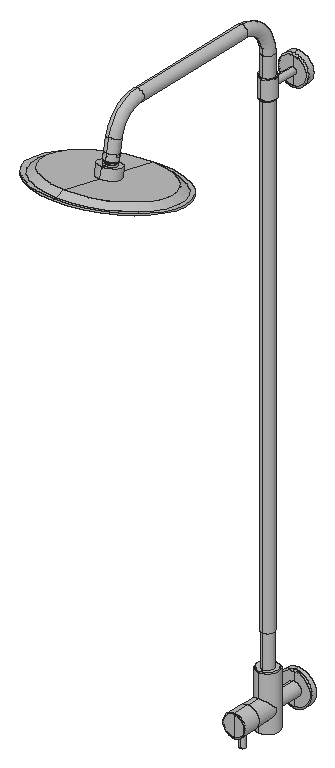
Revit family "Reece_Shower_Milli_Inox_Overhead Rail Shower", category Plumbing Fixtures, Revit 2018
Family settings
  Round Connector Dimension = Use Diameter
  Part Type = Normal
  Work Plane-Based = Yes
  Always vertical = Yes
  Cut with Voids When Loaded = Yes
  Shared = Yes
  Room Calculation Point = Yes
Parameters (values of type "Brushed Stainless Steel")
  URL = "https://www.reece.com.au/product/-2252101"
  Type Comments = "Shower"
  Reece_Shower_Reach = 1006 mm  # constant formula
  Reece_Shower_Inlet = 12.5 mm  # constant formula
  Reece_Shower_Clearance = 360 mm  # constant formula
  Reece_Product_Web Page = "https://www.reece.com.au/product/-2252101"
  Reece_Product_Type = "Shower"  # constant formula
  Reece_Product_Sub Brand = "Inox"  # constant formula
  Reece_Product_Number = "2252101"
  Reece_Product_Mount = "Wall Mounted"
  Reece_Product_Description = "Milli Inox Overhead Single Rail Shower with Bottom Rail Water Inlet Stainless Steel (3 Star)"
  Reece_Product_Brand = "Milli"  # constant formula
  Reece_Overall_Projection = 555 mm  # constant formula
  Reece_Overall_Height = 1130 mm  # constant formula
  Reece_Material_Main = Reece_Brass_Brushed Stainless Steel
  Reece_Height_From_Level [instance] = 1800 mm
  Reece_Detail_Shape = ""
  Reece_Detail_Installation = ""
  Reece_Detail_Disclaimer = "THIS FILE IS THE PROPERTY OF THE REECE GROUP. IT MAY NOT BE REPRODUCED, REVERSE-ENGINEERED OR MODIFIED. ANY REPUBLICATION, TRANSMISSION OR DISTRIBUTION FOR THE PURPOSE OF COMMERCIALLY EXPLOITING THE FILES IS PROHIBITED."  # constant formula
  Reece_Detail_Connector = ""
  Reece_Detail_Additional = "Overhead Rail Shower"  # constant formula
  Model = "Inox"
  Manufacturer = "Milli"
  Keynote = "Product #2252101, Reece_Shower_Milli_Inox_Overhead Rail Shower - Brushed Stainless Steel"
  Disclaimer = "THIS FILE IS THE PROPERTY OF THE REECE GROUP. IT MAY NOT BE REPRODUCED, REVERSE-ENGINEERED OR MODIFIED. ANY REPUBLICATION, TRANSMISSION OR DISTRIBUTION FOR THE PURPOSE OF COMMERCIALLY EXPLOITING THE FILES IS PROHIBITED."  # constant formula
  Description = "Milli Inox Overhead Rail Shower Stainless Steel (3 Star)"
  Default Elevation = 0 mm
Reference planes
  plane 1 "Center (Front/Back)": y = 0
  plane 2 "Height From Floor": z = 1800
  plane 3 "Center (Left/Right)": x = 0
  plane 4 "Bottom Of Invisible Line": z = -5
  plane 5: y = -69.838
  plane 6: y = -555
  plane 7: y = -429.838
  plane 8: y = -147
  plane 9: z = 1801.2
  plane 10: z = 795.2
  plane 11: z = 1925.2
Forms (mm)
  Revolve 1, solid, material "Reece_Brass_Brushed Stainless Steel" <- "Reece_Material_Main"
    sketch origin (0, 0, 0) x (0, 1, 0) y (0, 0, 1)
      loop
        line (0, 795.2) -> (0, 826.173) -> (-8.463, 826.173)
        arc (-8.463, 826.173) -> (-9.541, 825.727) -> (-9.988, 824.648) r 1.525
        line (-9.988, 824.648) -> (-9.988, 807.689) -> (-69.838, 807.696) -> (-69.838, 814.359) -> (-115.035, 814.359) -> (-115.035, 815.176) -> (-146.006, 815.176)
        arc (-146.006, 815.176) -> (-146.709, 814.884) -> (-147, 814.182) r 0.994
        line (-147, 814.182) -> (-147, 795.2) -> (-74.202, 795.2) -> (0, 795.2)
      axis (0, 795.2) -> (-147, 795.2)
    angle from 0 to 360
  Revolve 2, solid, material "Reece_Brass_Brushed Stainless Steel" <- "Reece_Material_Main"
    sketch origin (0, 0, 0) x (0, 1, 0) y (0, 0, 1)
      loop
        arc (-11.174, 1826.959) -> (-12.667, 1826.341) -> (-13.286, 1824.847) r 2.112
        line (-13.286, 1824.847) -> (-13.286, 1806.059) -> (-69.838, 1806.059) -> (-69.838, 1800) -> (0, 1800) -> (0, 1826.959) -> (-11.174, 1826.959)
      axis (0, 1800) -> (-69.838, 1800)
    angle from 0 to 360
  Revolve 3, solid, material "Reece_Brass_Brushed Stainless Steel" <- "Reece_Material_Main"
    sketch origin (0, 0, 0) x (0, 1, 0) y (0, 0, 1)
      loop
        line (-69.838, 758.732) -> (-69.838, 1817.867) -> (-83.825, 1817.867)
        arc (-83.825, 1817.867) -> (-84.179, 1817.72) -> (-84.324, 1817.364) r 0.499
        line (-84.324, 1817.364) -> (-84.324, 1782.636)
        arc (-84.324, 1782.636) -> (-84.179, 1782.28) -> (-83.825, 1782.133) r 0.499
        line (-83.825, 1782.133) -> (-80.825, 1782.133) -> (-80.825, 917.627) -> (-80.033, 917.627) -> (-80.033, 857.642) -> (-87.511, 857.642) -> (-87.511, 855.648) -> (-89.26, 855.648) -> (-89.26, 758.732) -> (-69.838, 758.732)
      axis (-69.838, 1817.867) -> (-69.838, 758.732)
    angle from 0 to 360
  Sweep 4, solid, material "Reece_Brass_Brushed Stainless Steel" <- "Reece_Material_Main"
    path origin (0, 0, 0) x (0, 1, 0) y (0, 0, 1)
      loop
        line (-69.838, 1809.952) -> (-69.838, 1854.252)
        arc (-69.838, 1854.252) -> (-87.396, 1896.641) -> (-129.785, 1914.199) r 59.947
        line (-129.785, 1914.199) -> (-363.995, 1914.199)
        arc (-363.995, 1914.199) -> (-398.608, 1901.942) -> (-417.793, 1870.634) r 55
        line (-417.793, 1870.634) -> (-422.783, 1847.158)
    profile origin (0, -69.838, 1832.102) x (0, -1, 0) y (1, 0, 0)
      loop
        circle (0, 0) r 11
  Revolve 5, solid, material "Reece_Brass_Brushed Stainless Steel" <- "Reece_Material_Main"
    sketch origin (0, 0, 0) x (0, 1, 0) y (0, 0, 1)
      loop
        line (-126.577, 795.2) -> (-131.57, 795.2) -> (-131.57, 753.046)
        arc (-131.57, 753.046) -> (-131.421, 752.686) -> (-131.061, 752.537) r 0.509
        line (-131.061, 752.537) -> (-126.577, 752.537) -> (-126.577, 795.2)
      axis (-126.577, 752.537) -> (-126.577, 795.2)
    angle from 0 to 360
Cuts and joins
  joined: Revolve 1, Revolve 2, Revolve 3, Sweep 4, Revolve 5
Lines and regions (mm)
  model lines, style "InvisibleLines"
    curve 1: line (0, 0, -5) -> (0, 0, 1800)
Text (mm)
  text "Reece ©" at (2518.872, -2148.783, 3349.157), in view "Reece Preview"
  text "Reece Copyright © 2018, Reece Ltd." at (78.812, -515.605, 0), in view "Ref. Level"
Dimensions and locks
  "Reece_Overall_Projection": plane 1 "Center (Front/Back)" to plane 6
  plane 10 to Revolve 1 sketch curve to Revolve 1 sketch curve to Revolve 1 sketch curve to Revolve 1 sketch curve to Revolve 1 sketch curve to Revolve 1 sketch curve to Revolve 1 sketch curve to Revolve 1 sketch curve to Revolve 1 sketch curve to Revolve 1 sketch curve to Revolve 1 sketch curve to Revolve 1 sketch curve to Revolve 1 sketch curve = 0 mm locked, 0 mm locked, 0 mm locked, 12.489 mm locked, 0.007 mm locked, 6.486 mm locked, 0.178 mm locked, 0 mm locked, 0.816 mm locked, 0 mm locked, 9.472 mm locked, 1.525 mm locked, 0 mm locked
  "Reece_Shower_Clearance": plane 5 to plane 7
  Revolve 3 sketch curve to plane 10 to Revolve 3 sketch curve to Revolve 3 sketch curve to Revolve 3 sketch curve to Revolve 3 sketch curve to Revolve 3 sketch curve to Revolve 3 sketch curve to Revolve 3 sketch curve to Revolve 3 sketch curve to Revolve 3 sketch curve to Revolve 3 sketch curve to Revolve 3 sketch curve to Revolve 3 sketch curve = 36.468 mm locked, 60.448 mm locked, 0 mm locked, 1.994 mm locked, 0 mm locked, 59.986 mm locked, 0 mm locked, 864.505 mm, 0 mm locked, 0.503 mm locked, 34.729 mm locked, 0.503 mm locked, 0 mm locked
  Revolve 2 sketch curve to Revolve 2 sketch curve to Revolve 2 sketch curve to Revolve 2 sketch curve to Revolve 2 sketch curve to plane 2 "Height From Floor" to Revolve 2 sketch curve = 0 mm locked, 2.112 mm locked, 18.788 mm locked, 0 mm locked, 6.059 mm locked, 0 mm locked
  Sweep 4 sketch curve to Sweep 4 sketch curve to Sweep 4 sketch curve to Sweep 4 sketch curve to Sweep 4 sketch curve to Sweep 4 sketch curve to plane 2 "Height From Floor" = 0 mm locked, 43.565 mm locked, 16.382 mm locked, 7.094 mm locked, 37.206 mm locked, 9.952 mm locked
  Revolve 5 sketch curve to Revolve 5 sketch curve to plane 10 to Revolve 5 sketch curve = 0.509 mm locked, 42.154 mm locked, 0 mm locked
  "Reece_Height_From_Level": plane 2 "Height From Floor" to level
  locked: plane 2 "Height From Floor" to plane 10 at 1004.8
  "Reece_Shower_Reach": plane 10 to plane 9
  plane 2 "Height From Floor" to plane 10 = 1004.8 mm
  plane 9 to level = 1801.2 mm
  plane 10 to plane 2 "Height From Floor" = 1004.8 mm
  level to plane 2 "Height From Floor" = 1800 mm
  plane 8 to plane 1 "Center (Front/Back)" = 147 mm
  "Reece_Overall_Height": plane 11 to plane 10
  aligned and locked: plane 4 "Bottom Of Invisible Line" to curve 1
  aligned and locked: plane 2 "Height From Floor" to curve 1
  aligned and locked: plane 3 "Center (Left/Right)" to curve 1
Automatic sketch dimensions
  Revolve 1 sketch curve to plane 8 = 0 mm
  Revolve 1 sketch curve to plane 5 = 0 mm
  Revolve 1 sketch curve to plane 1 "Center (Front/Back)" = 0 mm
  Revolve 1 sketch curve to Revolve 1 sketch curve = 30.971 mm
  Revolve 1 sketch curve to plane 5 = 4.364 mm
  plane 1 "Center (Front/Back)" to Revolve 1 sketch curve = 9.988 mm
  Revolve 1 sketch curve to plane 8 = 47.45 mm
  Revolve 1 sketch curve to plane 1 "Center (Front/Back)" = 37.738 mm
  Revolve 2 sketch curve to plane 5 = 0 mm
  Revolve 2 sketch curve to plane 1 "Center (Front/Back)" = 0 mm
  Revolve 2 sketch curve to plane 2 "Height From Floor" = 0 mm
  plane 1 "Center (Front/Back)" to Revolve 2 sketch curve = 13.286 mm
  Revolve 2 sketch curve to plane 8 = 15.624 mm
  Revolve 2 sketch curve to plane 1 "Center (Front/Back)" = 47.376 mm
  Revolve 3 sketch curve to plane 5 = 0 mm  (x2)
  Revolve 3 sketch curve to plane 5 = 10.195 mm
  Revolve 3 sketch curve to Revolve 3 sketch curve = 0.792 mm
  Revolve 3 sketch curve to Revolve 3 sketch curve = 3 mm
  Revolve 3 sketch curve to plane 5 = 13.987 mm
  Revolve 3 sketch curve to Revolve 3 sketch curve = 0.499 mm
  Revolve 3 sketch curve to Revolve 3 sketch curve = 7.478 mm
  Revolve 3 sketch curve to Revolve 3 sketch curve = 19.422 mm
  Revolve 3 sketch curve to Revolve 3 sketch curve = 22.823 mm
  Revolve 3 sketch curve to Revolve 3 sketch curve = 25.969 mm
  Sweep 4 sketch curve to plane 5 = 0 mm
  Sweep 4 sketch curve to plane 7 = 65.843 mm
  Sweep 4 sketch curve to plane 7 = 12.044 mm
  Sweep 4 sketch curve to plane 7 = 7.055 mm
  Sweep 4 sketch curve to plane 3 "Center (Left/Right)" = 0 mm
  Sweep 4 sketch curve to profile plane = 0 mm
  plane 8 to Revolve 5 sketch curve = 15.43 mm
  Revolve 5 sketch curve to Revolve 5 sketch curve = 4.993 mm
  Revolve 5 sketch curve to Revolve 5 sketch curve = 0 mm  (x2)
  Revolve 5 sketch curve to plane 10 = 9.44 mm
  radius of Sweep 4 sketch curve = 11 mm
Nested families
  nested 1: "Reece_Shower_Milli_Inox_Shower Head_250 mm_Nested" at (0, -422.783, 1847.158) x (1, 0, 0) z (0, -0.2079, -0.9781), Reece_Material_Main <- "Reece_Material_Main", type "250mm"
    with Reece_Material_Main Reece_Brass_Brushed Stainless Steel
Connectors
  piping at (0, 0, 795.2), diameter 12.5, driven by "Reece_Shower_Inlet"
    settings: on cut or joined group of Revolve 1, Revolve 2, Revolve 3, Sweep 4, Revolve 5, index 1, connector inside diameter 609.6 mm, connector length 0 mm, flow factor 0, pipe flow 0.0 L/s, pressure drop 0.0 Pa, fitting loss kfactor 0, connector angle 0.00°, fixture units 0, engagement length 0 mm, angle of deflection 0.00°, flow configuration 0, flow direction 1, fitting loss method 0, system type 29, joint type 0, gender type 0, connector reference index -1, connector utility 0, adjustable connector no, is connector primary yes, connector description ""
Definition of nested family "Reece_Shower_Milli_Inox_Shower Head_250 mm_Nested"
  Parameters (values of type "250mm")
    Waste Connection = no
    WFU = 0
    Vent Connection = no
    URL = ""
    Type Comments = ""
    Reece_Material_Main [instance] = none
    Model = ""
    Manufacturer = ""
    Keynote = ""
    HWFU = 0
    HW Connection = no
    Description = ""
    Default Elevation = 0 mm
    Cost = 0
    CWFU = 0
    CW Connection = no
    Assembly Code = ""
  Reference planes
    plane 1 "Center (Front/Back)": y = 0
    plane 2: z = 0
    plane 3 "Center (Left/Right)": x = 0
    plane 4: x = -125
    plane 5: x = 125
    plane 6: y = 125
    plane 7: y = -125
    plane 8: z = 36
    plane 9: z = 47.5
  Forms (mm)
    Extrusion 1, solid
      sketch origin (619.2, 20, 0) x (1, 0, 0) y (0, 1, 0)
        loop
          line (-843.153, 203.827) -> (-843.153, -206.911) -> (-435.255, -206.911) -> (-435.255, 203.827) -> (-843.153, 203.827)
      from 0 to -35.776
    Revolve 2, solid, material <- "Reece_Material_Main"
      sketch origin (0, 0, 35) x (0, 1, 0) y (0, 0, 1)
        loop
          line (0, 12.5) -> (0, 1) -> (103.143, 1) -> (117.002, 10) -> (125, 10) -> (125, 12.5) -> (0, 12.5)
        axis (0, 12.5) -> (0, 1)
      angle from 0 to 360
    Revolve 3, solid, material <- "Reece_Material_Main"
      sketch origin (0, 0, 0) x (0, 1, 0) y (0, 0, 1)
        loop
          line (0, 0) -> (12, 0) -> (12, 10.5) -> (11, 10.5) -> (11, 12.5) -> (8.5, 12.5) -> (8.5, 15.5) -> (11, 16.666) -> (11, 18.5) -> (20, 18.5) -> (20, 36) -> (0, 36) -> (0, 0)
        axis (0, 36) -> (0, 0)
      angle from 0 to 360
    Revolve 4, solid, material <- "Reece_Material_Main", detail levels fine
      sketch origin (-5.915, -54.091, 0) x (0, 1, 0) y (0, 0, 1)
        loop
          line (59.406, 47.5) -> (59.406, 53.464) -> (58.54, 53.464) -> (58.54, 54.266) -> (57.732, 54.266)
          arc (57.732, 54.266) -> (57.288, 50.832) -> (56.352, 47.5) r 23.819
          line (56.352, 47.5) -> (59.406, 47.5)
        axis (59.406, 47.5) -> (59.406, 54.266)
      angle from 0 to 360
    Revolve 5, solid, material <- "Reece_Material_Main", detail levels fine
      sketch origin (-5.638, 53.739, 0) x (0, -1, 0) y (0, 0, -1)
        loop
          line (59.406, -47.5) -> (56.352, -47.5)
          arc (56.352, -47.5) -> (57.288, -50.832) -> (57.732, -54.266) r 23.819
          line (57.732, -54.266) -> (58.54, -54.266) -> (58.54, -53.464) -> (59.406, -53.464) -> (59.406, -47.5)
        axis (59.406, -47.5) -> (59.406, -54.266)
      angle from 0 to 360
    Revolve 6, solid, material <- "Reece_Material_Main", detail levels fine
      sketch origin (5.365, -54.035, 0) x (0, 1, 0) y (0, 0, -1)
        loop
          line (59.406, -47.5) -> (56.352, -47.5)
          arc (56.352, -47.5) -> (57.288, -50.832) -> (57.732, -54.266) r 23.819
          line (57.732, -54.266) -> (58.54, -54.266) -> (58.54, -53.464) -> (59.406, -53.464) -> (59.406, -47.5)
        axis (59.406, -47.5) -> (59.406, -54.266)
      angle from 0 to 360
    Revolve 7, solid, material <- "Reece_Material_Main", detail levels fine
      sketch origin (5.642, 53.684, 0) x (0, -1, 0) y (0, 0, 1)
        loop
          line (59.406, 47.5) -> (59.406, 53.464) -> (58.54, 53.464) -> (58.54, 54.266) -> (57.732, 54.266)
          arc (57.732, 54.266) -> (57.288, 50.832) -> (56.352, 47.5) r 23.819
          line (56.352, 47.5) -> (59.406, 47.5)
        axis (59.406, 47.5) -> (59.406, 54.266)
      angle from 0 to 360
    Revolve 8, solid, material <- "Reece_Material_Main", detail levels fine
      sketch origin (-5.57, -30.349, 0) x (0, 1, 0) y (0, 0, 1)
        loop
          line (59.406, 47.5) -> (59.406, 53.464) -> (58.54, 53.464) -> (58.54, 54.266) -> (57.732, 54.266)
          arc (57.732, 54.266) -> (57.288, 50.832) -> (56.352, 47.5) r 23.819
          line (56.352, 47.5) -> (59.406, 47.5)
        axis (59.406, 47.5) -> (59.406, 54.266)
      angle from 0 to 360
    Revolve 9, solid, material <- "Reece_Material_Main", detail levels fine
      sketch origin (-19.207, -37.001, 0) x (0, 1, 0) y (0, 0, 1)
        loop
          line (59.406, 47.5) -> (59.406, 53.464) -> (58.54, 53.464) -> (58.54, 54.266) -> (57.732, 54.266)
          arc (57.732, 54.266) -> (57.288, 50.832) -> (56.352, 47.5) r 23.819
          line (56.352, 47.5) -> (59.406, 47.5)
        axis (59.406, 47.5) -> (59.406, 54.266)
      angle from 0 to 360
    Revolve 10, solid, material <- "Reece_Material_Main", detail levels fine
      sketch origin (-28.016, -49.666, 0) x (0, 1, 0) y (0, 0, 1)
        loop
          line (59.406, 47.5) -> (59.406, 53.464) -> (58.54, 53.464) -> (58.54, 54.266) -> (57.732, 54.266)
          arc (57.732, 54.266) -> (57.288, 50.832) -> (56.352, 47.5) r 23.819
          line (56.352, 47.5) -> (59.406, 47.5)
        axis (59.406, 47.5) -> (59.406, 54.266)
      angle from 0 to 360
    Revolve 11, solid, material <- "Reece_Material_Main", detail levels fine
      sketch origin (-29.148, -65.062, 0) x (0, 1, 0) y (0, 0, 1)
        loop
          line (59.406, 47.5) -> (59.406, 53.464) -> (58.54, 53.464) -> (58.54, 54.266) -> (57.732, 54.266)
          arc (57.732, 54.266) -> (57.288, 50.832) -> (56.352, 47.5) r 23.819
          line (56.352, 47.5) -> (59.406, 47.5)
        axis (59.406, 47.5) -> (59.406, 54.266)
      angle from 0 to 360
    Revolve 12, solid, material <- "Reece_Material_Main", detail levels fine
      sketch origin (-22.619, -79.06, 0) x (0, 1, 0) y (0, 0, 1)
        loop
          line (59.406, 47.5) -> (59.406, 53.464) -> (58.54, 53.464) -> (58.54, 54.266) -> (57.732, 54.266)
          arc (57.732, 54.266) -> (57.288, 50.832) -> (56.352, 47.5) r 23.819
          line (56.352, 47.5) -> (59.406, 47.5)
        axis (59.406, 47.5) -> (59.406, 54.266)
      angle from 0 to 360
    Revolve 13, solid, material <- "Reece_Material_Main", detail levels fine
      sketch origin (-9.807, -87.517, 0) x (0, 1, 0) y (0, 0, 1)
        loop
          line (59.406, 47.5) -> (59.406, 53.464) -> (58.54, 53.464) -> (58.54, 54.266) -> (57.732, 54.266)
          arc (57.732, 54.266) -> (57.288, 50.832) -> (56.352, 47.5) r 23.819
          line (56.352, 47.5) -> (59.406, 47.5)
        axis (59.406, 47.5) -> (59.406, 54.266)
      angle from 0 to 360
    Revolve 14, solid, material <- "Reece_Material_Main", detail levels fine
      sketch origin (9.656, -31.491, 0) x (0, 1, 0) y (0, 0, -1)
        loop
          line (59.406, -47.5) -> (56.352, -47.5)
          arc (56.352, -47.5) -> (57.288, -50.832) -> (57.732, -54.266) r 23.819
          line (57.732, -54.266) -> (58.54, -54.266) -> (58.54, -53.464) -> (59.406, -53.464) -> (59.406, -47.5)
        axis (59.406, -47.5) -> (59.406, -54.266)
      angle from 0 to 360
    Revolve 15, solid, material <- "Reece_Material_Main", detail levels fine
      sketch origin (22.455, -40.206, 0) x (0, 1, 0) y (0, 0, -1)
        loop
          line (59.406, -47.5) -> (56.352, -47.5)
          arc (56.352, -47.5) -> (57.288, -50.832) -> (57.732, -54.266) r 23.819
          line (57.732, -54.266) -> (58.54, -54.266) -> (58.54, -53.464) -> (59.406, -53.464) -> (59.406, -47.5)
        axis (59.406, -47.5) -> (59.406, -54.266)
      angle from 0 to 360
    Revolve 16, solid, material <- "Reece_Material_Main", detail levels fine
      sketch origin (29.227, -53.912, 0) x (0, 1, 0) y (0, 0, -1)
        loop
          line (59.406, -47.5) -> (56.352, -47.5)
          arc (56.352, -47.5) -> (57.288, -50.832) -> (57.732, -54.266) r 23.819
          line (57.732, -54.266) -> (58.54, -54.266) -> (58.54, -53.464) -> (59.406, -53.464) -> (59.406, -47.5)
        axis (59.406, -47.5) -> (59.406, -54.266)
      angle from 0 to 360
    Revolve 17, solid, material <- "Reece_Material_Main", detail levels fine
      sketch origin (27.773, -69.466, 0) x (0, 1, 0) y (0, 0, -1)
        loop
          line (59.406, -47.5) -> (56.352, -47.5)
          arc (56.352, -47.5) -> (57.288, -50.832) -> (57.732, -54.266) r 23.819
          line (57.732, -54.266) -> (58.54, -54.266) -> (58.54, -53.464) -> (59.406, -53.464) -> (59.406, -47.5)
        axis (59.406, -47.5) -> (59.406, -54.266)
      angle from 0 to 360
    Revolve 18, solid, material <- "Reece_Material_Main", detail levels fine
      sketch origin (19.126, -82.156, 0) x (0, 1, 0) y (0, 0, -1)
        loop
          line (59.406, -47.5) -> (56.352, -47.5)
          arc (56.352, -47.5) -> (57.288, -50.832) -> (57.732, -54.266) r 23.819
          line (57.732, -54.266) -> (58.54, -54.266) -> (58.54, -53.464) -> (59.406, -53.464) -> (59.406, -47.5)
        axis (59.406, -47.5) -> (59.406, -54.266)
      angle from 0 to 360
    Revolve 19, solid, material <- "Reece_Material_Main", detail levels fine
      sketch origin (5.434, -88.987, 0) x (0, 1, 0) y (0, 0, -1)
        loop
          line (59.406, -47.5) -> (56.352, -47.5)
          arc (56.352, -47.5) -> (57.288, -50.832) -> (57.732, -54.266) r 23.819
          line (57.732, -54.266) -> (58.54, -54.266) -> (58.54, -53.464) -> (59.406, -53.464) -> (59.406, -47.5)
        axis (59.406, -47.5) -> (59.406, -54.266)
      angle from 0 to 360
    Revolve 20, solid, material <- "Reece_Material_Main", detail levels fine
      sketch origin (-5.367, -6.648, 0) x (0, 1, 0) y (0, 0, 1)
        loop
          line (59.406, 47.5) -> (59.406, 53.464) -> (58.54, 53.464) -> (58.54, 54.266) -> (57.732, 54.266)
          arc (57.732, 54.266) -> (57.288, 50.832) -> (56.352, 47.5) r 23.819
          line (56.352, 47.5) -> (59.406, 47.5)
        axis (59.406, 47.5) -> (59.406, 54.266)
      angle from 0 to 360
    Revolve 21, solid, material <- "Reece_Material_Main", detail levels fine
      sketch origin (-21.644, -10.896, 0) x (0, 1, 0) y (0, 0, 1)
        loop
          line (59.406, 47.5) -> (59.406, 53.464) -> (58.54, 53.464) -> (58.54, 54.266) -> (57.732, 54.266)
          arc (57.732, 54.266) -> (57.288, 50.832) -> (56.352, 47.5) r 23.819
          line (56.352, 47.5) -> (59.406, 47.5)
        axis (59.406, 47.5) -> (59.406, 54.266)
      angle from 0 to 360
    Revolve 22, solid, material <- "Reece_Material_Main", detail levels fine
      sketch origin (-35.595, -20.018, 0) x (0, 1, 0) y (0, 0, 1)
        loop
          line (59.406, 47.5) -> (59.406, 53.464) -> (58.54, 53.464) -> (58.54, 54.266) -> (57.732, 54.266)
          arc (57.732, 54.266) -> (57.288, 50.832) -> (56.352, 47.5) r 23.819
          line (56.352, 47.5) -> (59.406, 47.5)
        axis (59.406, 47.5) -> (59.406, 54.266)
      angle from 0 to 360
    Revolve 23, solid, material <- "Reece_Material_Main", detail levels fine
      sketch origin (-46.121, -33.022, 0) x (0, 1, 0) y (0, 0, 1)
        loop
          line (59.406, 47.5) -> (59.406, 53.464) -> (58.54, 53.464) -> (58.54, 54.266) -> (57.732, 54.266)
          arc (57.732, 54.266) -> (57.288, 50.832) -> (56.352, 47.5) r 23.819
          line (56.352, 47.5) -> (59.406, 47.5)
        axis (59.406, 47.5) -> (59.406, 54.266)
      angle from 0 to 360
    Revolve 24, solid, material <- "Reece_Material_Main", detail levels fine
      sketch origin (-75.996, -48.126, 0) x (0, 1, 0) y (0, 0, 1)
        loop
          line (59.406, 47.5) -> (59.406, 53.464) -> (58.54, 53.464) -> (58.54, 54.266) -> (57.732, 54.266)
          arc (57.732, 54.266) -> (57.288, 50.832) -> (56.352, 47.5) r 23.819
          line (56.352, 47.5) -> (59.406, 47.5)
        axis (59.406, 47.5) -> (59.406, 54.266)
      angle from 0 to 360
    Revolve 25, solid, material <- "Reece_Material_Main", detail levels fine
      sketch origin (-76.537, -65.301, 0) x (0, 1, 0) y (0, 0, 1)
        loop
          line (59.406, 47.5) -> (59.406, 53.464) -> (58.54, 53.464) -> (58.54, 54.266) -> (57.732, 54.266)
          arc (57.732, 54.266) -> (57.288, 50.832) -> (56.352, 47.5) r 23.819
          line (56.352, 47.5) -> (59.406, 47.5)
        axis (59.406, 47.5) -> (59.406, 54.266)
      angle from 0 to 360
    Revolve 26, solid, material <- "Reece_Material_Main", detail levels fine
      sketch origin (-73.476, -82.078, 0) x (0, 1, 0) y (0, 0, 1)
        loop
          line (59.406, 47.5) -> (59.406, 53.464) -> (58.54, 53.464) -> (58.54, 54.266) -> (57.732, 54.266)
          arc (57.732, 54.266) -> (57.288, 50.832) -> (56.352, 47.5) r 23.819
          line (56.352, 47.5) -> (59.406, 47.5)
        axis (59.406, 47.5) -> (59.406, 54.266)
      angle from 0 to 360
    Revolve 27, solid, material <- "Reece_Material_Main", detail levels fine
      sketch origin (-39.607, -95.299, 0) x (0, 1, 0) y (0, 0, 1)
        loop
          line (59.406, 47.5) -> (59.406, 53.464) -> (58.54, 53.464) -> (58.54, 54.266) -> (57.732, 54.266)
          arc (57.732, 54.266) -> (57.288, 50.832) -> (56.352, 47.5) r 23.819
          line (56.352, 47.5) -> (59.406, 47.5)
        axis (59.406, 47.5) -> (59.406, 54.266)
      angle from 0 to 360
    Revolve 28, solid, material <- "Reece_Material_Main", detail levels fine
      sketch origin (-26.546, -130.642, 0) x (0, 1, 0) y (0, 0, 1)
        loop
          line (84.406, 47.5) -> (84.406, 53.464) -> (83.54, 53.464) -> (83.54, 54.266) -> (82.732, 54.266)
          arc (82.732, 54.266) -> (82.288, 50.832) -> (81.352, 47.5) r 23.819
          line (81.352, 47.5) -> (84.406, 47.5)
        axis (84.406, 47.5) -> (84.406, 54.266)
      angle from 0 to 360
    Revolve 29, solid, material <- "Reece_Material_Main", detail levels fine
      sketch origin (5.202, -137.614, 0) x (0, 1, 0) y (0, 0, 1)
        loop
          line (84.406, 47.5) -> (84.406, 53.464) -> (83.54, 53.464) -> (83.54, 54.266) -> (82.732, 54.266)
          arc (82.732, 54.266) -> (82.288, 50.832) -> (81.352, 47.5) r 23.819
          line (81.352, 47.5) -> (84.406, 47.5)
        axis (84.406, 47.5) -> (84.406, 54.266)
      angle from 0 to 360
    Revolve 30, solid, material <- "Reece_Material_Main", detail levels fine
      sketch origin (21.649, -133.325, 0) x (0, 1, 0) y (0, 0, 1)
        loop
          line (84.406, 47.5) -> (84.406, 53.464) -> (83.54, 53.464) -> (83.54, 54.266) -> (82.732, 54.266)
          arc (82.732, 54.266) -> (82.288, 50.832) -> (81.352, 47.5) r 23.819
          line (81.352, 47.5) -> (84.406, 47.5)
        axis (84.406, 47.5) -> (84.406, 54.266)
      angle from 0 to 360
    Revolve 31, solid, material <- "Reece_Material_Main", detail levels fine
      sketch origin (35.564, -124.309, 0) x (0, 1, 0) y (0, 0, 1)
        loop
          line (84.406, 47.5) -> (84.406, 53.464) -> (83.54, 53.464) -> (83.54, 54.266) -> (82.732, 54.266)
          arc (82.732, 54.266) -> (82.288, 50.832) -> (81.352, 47.5) r 23.819
          line (81.352, 47.5) -> (84.406, 47.5)
        axis (84.406, 47.5) -> (84.406, 54.266)
      angle from 0 to 360
    Revolve 32, solid, material <- "Reece_Material_Main", detail levels fine
      sketch origin (-11.268, -111.643, 0) x (0, 1, 0) y (0, 0, 1)
        loop
          line (59.406, 47.5) -> (59.406, 53.464) -> (58.54, 53.464) -> (58.54, 54.266) -> (57.732, 54.266)
          arc (57.732, 54.266) -> (57.288, 50.832) -> (56.352, 47.5) r 23.819
          line (56.352, 47.5) -> (59.406, 47.5)
        axis (59.406, 47.5) -> (59.406, 54.266)
      angle from 0 to 360
    Revolve 33, solid, material <- "Reece_Material_Main", detail levels fine
      sketch origin (45.981, -86.551, 0) x (0, 1, 0) y (0, 0, 1)
        loop
          line (59.406, 47.5) -> (59.406, 53.464) -> (58.54, 53.464) -> (58.54, 54.266) -> (57.732, 54.266)
          arc (57.732, 54.266) -> (57.288, 50.832) -> (56.352, 47.5) r 23.819
          line (56.352, 47.5) -> (59.406, 47.5)
        axis (59.406, 47.5) -> (59.406, 54.266)
      angle from 0 to 360
    Revolve 34, solid, material <- "Reece_Material_Main", detail levels fine
      sketch origin (51.96, -70.614, 0) x (0, 1, 0) y (0, 0, 1)
        loop
          line (59.406, 47.5) -> (59.406, 53.464) -> (58.54, 53.464) -> (58.54, 54.266) -> (57.732, 54.266)
          arc (57.732, 54.266) -> (57.288, 50.832) -> (56.352, 47.5) r 23.819
          line (56.352, 47.5) -> (59.406, 47.5)
        axis (59.406, 47.5) -> (59.406, 54.266)
      angle from 0 to 360
    Revolve 35, solid, material <- "Reece_Material_Main", detail levels fine
      sketch origin (52.876, -54.116, 0) x (0, 1, 0) y (0, 0, 1)
        loop
          line (59.406, 47.5) -> (59.406, 53.464) -> (58.54, 53.464) -> (58.54, 54.266) -> (57.732, 54.266)
          arc (57.732, 54.266) -> (57.288, 50.832) -> (56.352, 47.5) r 23.819
          line (56.352, 47.5) -> (59.406, 47.5)
        axis (59.406, 47.5) -> (59.406, 54.266)
      angle from 0 to 360
    Revolve 36, solid, material <- "Reece_Material_Main", detail levels fine
      sketch origin (48.559, -38.136, 0) x (0, 1, 0) y (0, 0, 1)
        loop
          line (59.406, 47.5) -> (59.406, 53.464) -> (58.54, 53.464) -> (58.54, 54.266) -> (57.732, 54.266)
          arc (57.732, 54.266) -> (57.288, 50.832) -> (56.352, 47.5) r 23.819
          line (56.352, 47.5) -> (59.406, 47.5)
        axis (59.406, 47.5) -> (59.406, 54.266)
      angle from 0 to 360
    Revolve 37, solid, material <- "Reece_Material_Main", detail levels fine
      sketch origin (39.574, -24.335, 0) x (0, 1, 0) y (0, 0, 1)
        loop
          line (59.406, 47.5) -> (59.406, 53.464) -> (58.54, 53.464) -> (58.54, 54.266) -> (57.732, 54.266)
          arc (57.732, 54.266) -> (57.288, 50.832) -> (56.352, 47.5) r 23.819
          line (56.352, 47.5) -> (59.406, 47.5)
        axis (59.406, 47.5) -> (59.406, 54.266)
      angle from 0 to 360
    Revolve 38, solid, material <- "Reece_Material_Main", detail levels fine
      sketch origin (26.821, -13.678, 0) x (0, 1, 0) y (0, 0, 1)
        loop
          line (59.406, 47.5) -> (59.406, 53.464) -> (58.54, 53.464) -> (58.54, 54.266) -> (57.732, 54.266)
          arc (57.732, 54.266) -> (57.288, 50.832) -> (56.352, 47.5) r 23.819
          line (56.352, 47.5) -> (59.406, 47.5)
        axis (59.406, 47.5) -> (59.406, 54.266)
      angle from 0 to 360
    Revolve 39, solid, material <- "Reece_Material_Main", detail levels fine
      sketch origin (11.238, -7.616, 0) x (0, 1, 0) y (0, 0, 1)
        loop
          line (59.406, 47.5) -> (59.406, 53.464) -> (58.54, 53.464) -> (58.54, 54.266) -> (57.732, 54.266)
          arc (57.732, 54.266) -> (57.288, 50.832) -> (56.352, 47.5) r 23.819
          line (56.352, 47.5) -> (59.406, 47.5)
        axis (59.406, 47.5) -> (59.406, 54.266)
      angle from 0 to 360
    Revolve 40, solid, material <- "Reece_Material_Main", detail levels fine
      sketch origin (-5.268, 16.854, 0) x (0, 1, 0) y (0, 0, 1)
        loop
          line (59.406, 47.5) -> (59.406, 53.464) -> (58.54, 53.464) -> (58.54, 54.266) -> (57.732, 54.266)
          arc (57.732, 54.266) -> (57.288, 50.832) -> (56.352, 47.5) r 23.819
          line (56.352, 47.5) -> (59.406, 47.5)
        axis (59.406, 47.5) -> (59.406, 54.266)
      angle from 0 to 360
    Revolve 41, solid, material <- "Reece_Material_Main", detail levels fine
      sketch origin (-22.729, 13.73, 0) x (0, 1, 0) y (0, 0, 1)
        loop
          line (59.406, 47.5) -> (59.406, 53.464) -> (58.54, 53.464) -> (58.54, 54.266) -> (57.732, 54.266)
          arc (57.732, 54.266) -> (57.288, 50.832) -> (56.352, 47.5) r 23.819
          line (56.352, 47.5) -> (59.406, 47.5)
        axis (59.406, 47.5) -> (59.406, 54.266)
      angle from 0 to 360
    Revolve 42, solid, material <- "Reece_Material_Main", detail levels fine
      sketch origin (-38.259, 7.016, 0) x (0, 1, 0) y (0, 0, 1)
        loop
          line (59.406, 47.5) -> (59.406, 53.464) -> (58.54, 53.464) -> (58.54, 54.266) -> (57.732, 54.266)
          arc (57.732, 54.266) -> (57.288, 50.832) -> (56.352, 47.5) r 23.819
          line (56.352, 47.5) -> (59.406, 47.5)
        axis (59.406, 47.5) -> (59.406, 54.266)
      angle from 0 to 360
    Revolve 43, solid, material <- "Reece_Material_Main", detail levels fine
      sketch origin (-54.933, 24.917, 0) x (0, 1, 0) y (0, 0, 1)
        loop
          line (59.406, 47.5) -> (59.406, 53.464) -> (58.54, 53.464) -> (58.54, 54.266) -> (57.732, 54.266)
          arc (57.732, 54.266) -> (57.288, 50.832) -> (56.352, 47.5) r 23.819
          line (56.352, 47.5) -> (59.406, 47.5)
        axis (59.406, 47.5) -> (59.406, 54.266)
      angle from 0 to 360
    Revolve 44, solid, material <- "Reece_Material_Main", detail levels fine
      sketch origin (-80.595, 0.826, 0) x (0, 1, 0) y (0, 0, 1)
        loop
          line (59.406, 47.5) -> (59.406, 53.464) -> (58.54, 53.464) -> (58.54, 54.266) -> (57.732, 54.266)
          arc (57.732, 54.266) -> (57.288, 50.832) -> (56.352, 47.5) r 23.819
          line (56.352, 47.5) -> (59.406, 47.5)
        axis (59.406, 47.5) -> (59.406, 54.266)
      angle from 0 to 360
    Revolve 45, solid, material <- "Reece_Material_Main", detail levels fine
      sketch origin (-89.68, -13.978, 0) x (0, 1, 0) y (0, 0, 1)
        loop
          line (59.406, 47.5) -> (59.406, 53.464) -> (58.54, 53.464) -> (58.54, 54.266) -> (57.732, 54.266)
          arc (57.732, 54.266) -> (57.288, 50.832) -> (56.352, 47.5) r 23.819
          line (56.352, 47.5) -> (59.406, 47.5)
        axis (59.406, 47.5) -> (59.406, 54.266)
      angle from 0 to 360
    Revolve 46, solid, material <- "Reece_Material_Main", detail levels fine
      sketch origin (-99.943, -47.498, 0) x (0, 1, 0) y (0, 0, 1)
        loop
          line (59.406, 47.5) -> (59.406, 53.464) -> (58.54, 53.464) -> (58.54, 54.266) -> (57.732, 54.266)
          arc (57.732, 54.266) -> (57.288, 50.832) -> (56.352, 47.5) r 23.819
          line (56.352, 47.5) -> (59.406, 47.5)
        axis (59.406, 47.5) -> (59.406, 54.266)
      angle from 0 to 360
    Revolve 47, solid, material <- "Reece_Material_Main", detail levels fine
      sketch origin (-100.557, -64.837, 0) x (0, 1, 0) y (0, 0, 1)
        loop
          line (59.406, 47.5) -> (59.406, 53.464) -> (58.54, 53.464) -> (58.54, 54.266) -> (57.732, 54.266)
          arc (57.732, 54.266) -> (57.288, 50.832) -> (56.352, 47.5) r 23.819
          line (56.352, 47.5) -> (59.406, 47.5)
        axis (59.406, 47.5) -> (59.406, 54.266)
      angle from 0 to 360
    Revolve 48, solid, material <- "Reece_Material_Main", detail levels fine
      sketch origin (-97.917, -82.358, 0) x (0, 1, 0) y (0, 0, 1)
        loop
          line (59.406, 47.5) -> (59.406, 53.464) -> (58.54, 53.464) -> (58.54, 54.266) -> (57.732, 54.266)
          arc (57.732, 54.266) -> (57.288, 50.832) -> (56.352, 47.5) r 23.819
          line (56.352, 47.5) -> (59.406, 47.5)
        axis (59.406, 47.5) -> (59.406, 54.266)
      angle from 0 to 360
    Revolve 49, solid, material <- "Reece_Material_Main", detail levels fine
      sketch origin (-92.473, -99.036, 0) x (0, 1, 0) y (0, 0, 1)
        loop
          line (59.406, 47.5) -> (59.406, 53.464) -> (58.54, 53.464) -> (58.54, 54.266) -> (57.732, 54.266)
          arc (57.732, 54.266) -> (57.288, 50.832) -> (56.352, 47.5) r 23.819
          line (56.352, 47.5) -> (59.406, 47.5)
        axis (59.406, 47.5) -> (59.406, 54.266)
      angle from 0 to 360
    Revolve 50, solid, material <- "Reece_Material_Main", detail levels fine
      sketch origin (-66.457, -122.878, 0) x (0, 1, 0) y (0, 0, 1)
        loop
          line (84.406, 47.5) -> (84.406, 53.464) -> (83.54, 53.464) -> (83.54, 54.266) -> (82.732, 54.266)
          arc (82.732, 54.266) -> (82.288, 50.832) -> (81.352, 47.5) r 23.819
          line (81.352, 47.5) -> (84.406, 47.5)
        axis (84.406, 47.5) -> (84.406, 54.266)
      angle from 0 to 360
    Revolve 51, solid, material <- "Reece_Material_Main", detail levels fine
      sketch origin (-56.559, -136.824, 0) x (0, 1, 0) y (0, 0, 1)
        loop
          line (84.406, 47.5) -> (84.406, 53.464) -> (83.54, 53.464) -> (83.54, 54.266) -> (82.732, 54.266)
          arc (82.732, 54.266) -> (82.288, 50.832) -> (81.352, 47.5) r 23.819
          line (81.352, 47.5) -> (84.406, 47.5)
        axis (84.406, 47.5) -> (84.406, 54.266)
      angle from 0 to 360
    Revolve 52, solid, material <- "Reece_Material_Main", detail levels fine
      sketch origin (-28.315, -156.285, 0) x (0, 1, 0) y (0, 0, 1)
        loop
          line (84.406, 47.5) -> (84.406, 53.464) -> (83.54, 53.464) -> (83.54, 54.266) -> (82.732, 54.266)
          arc (82.732, 54.266) -> (82.288, 50.832) -> (81.352, 47.5) r 23.819
          line (81.352, 47.5) -> (84.406, 47.5)
        axis (84.406, 47.5) -> (84.406, 54.266)
      angle from 0 to 360
    Revolve 53, solid, material <- "Reece_Material_Main", detail levels fine
      sketch origin (-11.589, -160.948, 0) x (0, 1, 0) y (0, 0, 1)
        loop
          line (84.406, 47.5) -> (84.406, 53.464) -> (83.54, 53.464) -> (83.54, 54.266) -> (82.732, 54.266)
          arc (82.732, 54.266) -> (82.288, 50.832) -> (81.352, 47.5) r 23.819
          line (81.352, 47.5) -> (84.406, 47.5)
        axis (84.406, 47.5) -> (84.406, 54.266)
      angle from 0 to 360
    Revolve 54, solid, material <- "Reece_Material_Main", detail levels fine
      sketch origin (5.596, -161.448, 0) x (0, 1, 0) y (0, 0, 1)
        loop
          line (84.406, 47.5) -> (84.406, 53.464) -> (83.54, 53.464) -> (83.54, 54.266) -> (82.732, 54.266)
          arc (82.732, 54.266) -> (82.288, 50.832) -> (81.352, 47.5) r 23.819
          line (81.352, 47.5) -> (84.406, 47.5)
        axis (84.406, 47.5) -> (84.406, 54.266)
      angle from 0 to 360
    Revolve 55, solid, material <- "Reece_Material_Main", detail levels fine
      sketch origin (22.483, -158.308, 0) x (0, 1, 0) y (0, 0, 1)
        loop
          line (84.406, 47.5) -> (84.406, 53.464) -> (83.54, 53.464) -> (83.54, 54.266) -> (82.732, 54.266)
          arc (82.732, 54.266) -> (82.288, 50.832) -> (81.352, 47.5) r 23.819
          line (81.352, 47.5) -> (84.406, 47.5)
        axis (84.406, 47.5) -> (84.406, 54.266)
      angle from 0 to 360
    Revolve 56, solid, material <- "Reece_Material_Main", detail levels fine
      sketch origin (38.096, -151.602, 0) x (0, 1, 0) y (0, 0, 1)
        loop
          line (84.406, 47.5) -> (84.406, 53.464) -> (83.54, 53.464) -> (83.54, 54.266) -> (82.732, 54.266)
          arc (82.732, 54.266) -> (82.288, 50.832) -> (81.352, 47.5) r 23.819
          line (81.352, 47.5) -> (84.406, 47.5)
        axis (84.406, 47.5) -> (84.406, 54.266)
      angle from 0 to 360
    Revolve 57, solid, material <- "Reece_Material_Main", detail levels fine
      sketch origin (63.408, -128.226, 0) x (0, 1, 0) y (0, 0, 1)
        loop
          line (84.406, 47.5) -> (84.406, 53.464) -> (83.54, 53.464) -> (83.54, 54.266) -> (82.732, 54.266)
          arc (82.732, 54.266) -> (82.288, 50.832) -> (81.352, 47.5) r 23.819
          line (81.352, 47.5) -> (84.406, 47.5)
        axis (84.406, 47.5) -> (84.406, 54.266)
      angle from 0 to 360
    Revolve 58, solid, material <- "Reece_Material_Main", detail levels fine
      sketch origin (71.722, -112.95, 0) x (0, 1, 0) y (0, 0, 1)
        loop
          line (84.406, 47.5) -> (84.406, 53.464) -> (83.54, 53.464) -> (83.54, 54.266) -> (82.732, 54.266)
          arc (82.732, 54.266) -> (82.288, 50.832) -> (81.352, 47.5) r 23.819
          line (81.352, 47.5) -> (84.406, 47.5)
        axis (84.406, 47.5) -> (84.406, 54.266)
      angle from 0 to 360
    Revolve 59, solid, material <- "Reece_Material_Main", detail levels fine
      sketch origin (76.046, -71.575, 0) x (0, 1, 0) y (0, 0, 1)
        loop
          line (59.406, 47.5) -> (59.406, 53.464) -> (58.54, 53.464) -> (58.54, 54.266) -> (57.732, 54.266)
          arc (57.732, 54.266) -> (57.288, 50.832) -> (56.352, 47.5) r 23.819
          line (56.352, 47.5) -> (59.406, 47.5)
        axis (59.406, 47.5) -> (59.406, 54.266)
      angle from 0 to 360
    Revolve 60, solid, material <- "Reece_Material_Main", detail levels fine
      sketch origin (76.31, -54.273, 0) x (0, 1, 0) y (0, 0, 1)
        loop
          line (59.406, 47.5) -> (59.406, 53.464) -> (58.54, 53.464) -> (58.54, 54.266) -> (57.732, 54.266)
          arc (57.732, 54.266) -> (57.288, 50.832) -> (56.352, 47.5) r 23.819
          line (56.352, 47.5) -> (59.406, 47.5)
        axis (59.406, 47.5) -> (59.406, 54.266)
      angle from 0 to 360
    Revolve 61, solid, material <- "Reece_Material_Main", detail levels fine
      sketch origin (73.633, -37.299, 0) x (0, 1, 0) y (0, 0, 1)
        loop
          line (59.406, 47.5) -> (59.406, 53.464) -> (58.54, 53.464) -> (58.54, 54.266) -> (57.732, 54.266)
          arc (57.732, 54.266) -> (57.288, 50.832) -> (56.352, 47.5) r 23.819
          line (56.352, 47.5) -> (59.406, 47.5)
        axis (59.406, 47.5) -> (59.406, 54.266)
      angle from 0 to 360
    Revolve 62, solid, material <- "Reece_Material_Main", detail levels fine
      sketch origin (66.47, -21.508, 0) x (0, 1, 0) y (0, 0, 1)
        loop
          line (59.406, 47.5) -> (59.406, 53.464) -> (58.54, 53.464) -> (58.54, 54.266) -> (57.732, 54.266)
          arc (57.732, 54.266) -> (57.288, 50.832) -> (56.352, 47.5) r 23.819
          line (56.352, 47.5) -> (59.406, 47.5)
        axis (59.406, 47.5) -> (59.406, 54.266)
      angle from 0 to 360
    Revolve 63, solid, material <- "Reece_Material_Main", detail levels fine
      sketch origin (56.499, -7.445, 0) x (0, 1, 0) y (0, 0, 1)
        loop
          line (59.406, 47.5) -> (59.406, 53.464) -> (58.54, 53.464) -> (58.54, 54.266) -> (57.732, 54.266)
          arc (57.732, 54.266) -> (57.288, 50.832) -> (56.352, 47.5) r 23.819
          line (56.352, 47.5) -> (59.406, 47.5)
        axis (59.406, 47.5) -> (59.406, 54.266)
      angle from 0 to 360
    Revolve 64, solid, material <- "Reece_Material_Main", detail levels fine
      sketch origin (43.514, 3.756, 0) x (0, 1, 0) y (0, 0, 1)
        loop
          line (59.406, 47.5) -> (59.406, 53.464) -> (58.54, 53.464) -> (58.54, 54.266) -> (57.732, 54.266)
          arc (57.732, 54.266) -> (57.288, 50.832) -> (56.352, 47.5) r 23.819
          line (56.352, 47.5) -> (59.406, 47.5)
        axis (59.406, 47.5) -> (59.406, 54.266)
      angle from 0 to 360
    Revolve 65, solid, material <- "Reece_Material_Main", detail levels fine
      sketch origin (28.432, 11.984, 0) x (0, 1, 0) y (0, 0, 1)
        loop
          line (59.406, 47.5) -> (59.406, 53.464) -> (58.54, 53.464) -> (58.54, 54.266) -> (57.732, 54.266)
          arc (57.732, 54.266) -> (57.288, 50.832) -> (56.352, 47.5) r 23.819
          line (56.352, 47.5) -> (59.406, 47.5)
        axis (59.406, 47.5) -> (59.406, 54.266)
      angle from 0 to 360
    Revolve 66, solid, material <- "Reece_Material_Main", detail levels fine
      sketch origin (11.688, 16.535, 0) x (0, 1, 0) y (0, 0, 1)
        loop
          line (59.406, 47.5) -> (59.406, 53.464) -> (58.54, 53.464) -> (58.54, 54.266) -> (57.732, 54.266)
          arc (57.732, 54.266) -> (57.288, 50.832) -> (56.352, 47.5) r 23.819
          line (56.352, 47.5) -> (59.406, 47.5)
        axis (59.406, 47.5) -> (59.406, 54.266)
      angle from 0 to 360
    Revolve 67, solid, material <- "Reece_Material_Main", detail levels fine
      sketch origin (12.044, 65.116, 0) x (0, 1, 0) y (0, 0, 1)
        loop
          line (34.406, 47.5) -> (34.406, 53.464) -> (33.54, 53.464) -> (33.54, 54.266) -> (32.732, 54.266)
          arc (32.732, 54.266) -> (32.288, 50.832) -> (31.352, 47.5) r 23.819
          line (31.352, 47.5) -> (34.406, 47.5)
        axis (34.406, 47.5) -> (34.406, 54.266)
      angle from 0 to 360
    Revolve 68, solid, material <- "Reece_Material_Main", detail levels fine
      sketch origin (45.468, 55.367, 0) x (0, 1, 0) y (0, 0, 1)
        loop
          line (34.406, 47.5) -> (34.406, 53.464) -> (33.54, 53.464) -> (33.54, 54.266) -> (32.732, 54.266)
          arc (32.732, 54.266) -> (32.288, 50.832) -> (31.352, 47.5) r 23.819
          line (31.352, 47.5) -> (34.406, 47.5)
        axis (34.406, 47.5) -> (34.406, 54.266)
      angle from 0 to 360
    Revolve 69, solid, material <- "Reece_Material_Main", detail levels fine
      sketch origin (60.309, 45.721, 0) x (0, 1, 0) y (0, 0, 1)
        loop
          line (34.406, 47.5) -> (34.406, 53.464) -> (33.54, 53.464) -> (33.54, 54.266) -> (32.732, 54.266)
          arc (32.732, 54.266) -> (32.288, 50.832) -> (31.352, 47.5) r 23.819
          line (31.352, 47.5) -> (34.406, 47.5)
        axis (34.406, 47.5) -> (34.406, 54.266)
      angle from 0 to 360
    Revolve 70, solid, material <- "Reece_Material_Main", detail levels fine
      sketch origin (29.129, 36.804, 0) x (0, 1, 0) y (0, 0, 1)
        loop
          line (59.406, 47.5) -> (59.406, 53.464) -> (58.54, 53.464) -> (58.54, 54.266) -> (57.732, 54.266)
          arc (57.732, 54.266) -> (57.288, 50.832) -> (56.352, 47.5) r 23.819
          line (56.352, 47.5) -> (59.406, 47.5)
        axis (59.406, 47.5) -> (59.406, 54.266)
      angle from 0 to 360
    Revolve 71, solid, material <- "Reece_Material_Main", detail levels fine
      sketch origin (73.403, 9.23, 0) x (0, 1, 0) y (0, 0, 1)
        loop
          line (59.406, 47.5) -> (59.406, 53.464) -> (58.54, 53.464) -> (58.54, 54.266) -> (57.732, 54.266)
          arc (57.732, 54.266) -> (57.288, 50.832) -> (56.352, 47.5) r 23.819
          line (56.352, 47.5) -> (59.406, 47.5)
        axis (59.406, 47.5) -> (59.406, 54.266)
      angle from 0 to 360
    Revolve 72, solid, material <- "Reece_Material_Main", detail levels fine
      sketch origin (84.287, -4.745, 0) x (0, 1, 0) y (0, 0, 1)
        loop
          line (59.406, 47.5) -> (59.406, 53.464) -> (58.54, 53.464) -> (58.54, 54.266) -> (57.732, 54.266)
          arc (57.732, 54.266) -> (57.288, 50.832) -> (56.352, 47.5) r 23.819
          line (56.352, 47.5) -> (59.406, 47.5)
        axis (59.406, 47.5) -> (59.406, 54.266)
      angle from 0 to 360
    Revolve 73, solid, material <- "Reece_Material_Main", detail levels fine
      sketch origin (92.442, -20.024, 0) x (0, 1, 0) y (0, 0, 1)
        loop
          line (59.406, 47.5) -> (59.406, 53.464) -> (58.54, 53.464) -> (58.54, 54.266) -> (57.732, 54.266)
          arc (57.732, 54.266) -> (57.288, 50.832) -> (56.352, 47.5) r 23.819
          line (56.352, 47.5) -> (59.406, 47.5)
        axis (59.406, 47.5) -> (59.406, 54.266)
      angle from 0 to 360
    Revolve 74, solid, material <- "Reece_Material_Main", detail levels fine
      sketch origin (97.825, -36.891, 0) x (0, 1, 0) y (0, 0, 1)
        loop
          line (59.406, 47.5) -> (59.406, 53.464) -> (58.54, 53.464) -> (58.54, 54.266) -> (57.732, 54.266)
          arc (57.732, 54.266) -> (57.288, 50.832) -> (56.352, 47.5) r 23.819
          line (56.352, 47.5) -> (59.406, 47.5)
        axis (59.406, 47.5) -> (59.406, 54.266)
      angle from 0 to 360
    Revolve 75, solid, material <- "Reece_Material_Main", detail levels fine
      sketch origin (100.213, -54.311, 0) x (0, 1, 0) y (0, 0, 1)
        loop
          line (59.406, 47.5) -> (59.406, 53.464) -> (58.54, 53.464) -> (58.54, 54.266) -> (57.732, 54.266)
          arc (57.732, 54.266) -> (57.288, 50.832) -> (56.352, 47.5) r 23.819
          line (56.352, 47.5) -> (59.406, 47.5)
        axis (59.406, 47.5) -> (59.406, 54.266)
      angle from 0 to 360
    Revolve 76, solid, material <- "Reece_Material_Main", detail levels fine
      sketch origin (99.527, -71.948, 0) x (0, 1, 0) y (0, 0, 1)
        loop
          line (59.406, 47.5) -> (59.406, 53.464) -> (58.54, 53.464) -> (58.54, 54.266) -> (57.732, 54.266)
          arc (57.732, 54.266) -> (57.288, 50.832) -> (56.352, 47.5) r 23.819
          line (56.352, 47.5) -> (59.406, 47.5)
        axis (59.406, 47.5) -> (59.406, 54.266)
      angle from 0 to 360
    Revolve 77, solid, material <- "Reece_Material_Main", detail levels fine
      sketch origin (96.244, -113.924, 0) x (0, 1, 0) y (0, 0, 1)
        loop
          line (84.406, 47.5) -> (84.406, 53.464) -> (83.54, 53.464) -> (83.54, 54.266) -> (82.732, 54.266)
          arc (82.732, 54.266) -> (82.288, 50.832) -> (81.352, 47.5) r 23.819
          line (81.352, 47.5) -> (84.406, 47.5)
        axis (84.406, 47.5) -> (84.406, 54.266)
      angle from 0 to 360
    Revolve 78, solid, material <- "Reece_Material_Main", detail levels fine
      sketch origin (89.501, -130.335, 0) x (0, 1, 0) y (0, 0, 1)
        loop
          line (84.406, 47.5) -> (84.406, 53.464) -> (83.54, 53.464) -> (83.54, 54.266) -> (82.732, 54.266)
          arc (82.732, 54.266) -> (82.288, 50.832) -> (81.352, 47.5) r 23.819
          line (81.352, 47.5) -> (84.406, 47.5)
        axis (84.406, 47.5) -> (84.406, 54.266)
      angle from 0 to 360
    Revolve 79, solid, material <- "Reece_Material_Main", detail levels fine
      sketch origin (39.333, -177.209, 0) x (0, 1, 0) y (0, 0, 1)
        loop
          line (84.406, 47.5) -> (84.406, 53.464) -> (83.54, 53.464) -> (83.54, 54.266) -> (82.732, 54.266)
          arc (82.732, 54.266) -> (82.288, 50.832) -> (81.352, 47.5) r 23.819
          line (81.352, 47.5) -> (84.406, 47.5)
        axis (84.406, 47.5) -> (84.406, 54.266)
      angle from 0 to 360
    Revolve 80, solid, material <- "Reece_Material_Main", detail levels fine
      sketch origin (22.754, -182.567, 0) x (0, 1, 0) y (0, 0, 1)
        loop
          line (84.406, 47.5) -> (84.406, 53.464) -> (83.54, 53.464) -> (83.54, 54.266) -> (82.732, 54.266)
          arc (82.732, 54.266) -> (82.288, 50.832) -> (81.352, 47.5) r 23.819
          line (81.352, 47.5) -> (84.406, 47.5)
        axis (84.406, 47.5) -> (84.406, 54.266)
      angle from 0 to 360
    Revolve 81, solid, material <- "Reece_Material_Main", detail levels fine
      sketch origin (5.263, -185.158, 0) x (0, 1, 0) y (0, 0, 1)
        loop
          line (84.406, 47.5) -> (84.406, 53.464) -> (83.54, 53.464) -> (83.54, 54.266) -> (82.732, 54.266)
          arc (82.732, 54.266) -> (82.288, 50.832) -> (81.352, 47.5) r 23.819
          line (81.352, 47.5) -> (84.406, 47.5)
        axis (84.406, 47.5) -> (84.406, 54.266)
      angle from 0 to 360
    Revolve 82, solid, material <- "Reece_Material_Main", detail levels fine
      sketch origin (-12.051, -184.324, 0) x (0, 1, 0) y (0, 0, 1)
        loop
          line (84.406, 47.5) -> (84.406, 53.464) -> (83.54, 53.464) -> (83.54, 54.266) -> (82.732, 54.266)
          arc (82.732, 54.266) -> (82.288, 50.832) -> (81.352, 47.5) r 23.819
          line (81.352, 47.5) -> (84.406, 47.5)
        axis (84.406, 47.5) -> (84.406, 54.266)
      angle from 0 to 360
    Revolve 83, solid, material <- "Reece_Material_Main", detail levels fine
      sketch origin (-29.483, -180.978, 0) x (0, 1, 0) y (0, 0, 1)
        loop
          line (84.406, 47.5) -> (84.406, 53.464) -> (83.54, 53.464) -> (83.54, 54.266) -> (82.732, 54.266)
          arc (82.732, 54.266) -> (82.288, 50.832) -> (81.352, 47.5) r 23.819
          line (81.352, 47.5) -> (84.406, 47.5)
        axis (84.406, 47.5) -> (84.406, 54.266)
      angle from 0 to 360
    Revolve 84, solid, material <- "Reece_Material_Main", detail levels fine
      sketch origin (-45.599, -174.398, 0) x (0, 1, 0) y (0, 0, 1)
        loop
          line (84.406, 47.5) -> (84.406, 53.464) -> (83.54, 53.464) -> (83.54, 54.266) -> (82.732, 54.266)
          arc (82.732, 54.266) -> (82.288, 50.832) -> (81.352, 47.5) r 23.819
          line (81.352, 47.5) -> (84.406, 47.5)
        axis (84.406, 47.5) -> (84.406, 54.266)
      angle from 0 to 360
    Revolve 85, solid, material <- "Reece_Material_Main", detail levels fine
      sketch origin (-60.4, -164.752, 0) x (0, 1, 0) y (0, 0, 1)
        loop
          line (84.406, 47.5) -> (84.406, 53.464) -> (83.54, 53.464) -> (83.54, 54.266) -> (82.732, 54.266)
          arc (82.732, 54.266) -> (82.288, 50.832) -> (81.352, 47.5) r 23.819
          line (81.352, 47.5) -> (84.406, 47.5)
        axis (84.406, 47.5) -> (84.406, 54.266)
      angle from 0 to 360
    Revolve 86, solid, material <- "Reece_Material_Main", detail levels fine
      sketch origin (-73.418, -153.33, 0) x (0, 1, 0) y (0, 0, 1)
        loop
          line (84.406, 47.5) -> (84.406, 53.464) -> (83.54, 53.464) -> (83.54, 54.266) -> (82.732, 54.266)
          arc (82.732, 54.266) -> (82.288, 50.832) -> (81.352, 47.5) r 23.819
          line (81.352, 47.5) -> (84.406, 47.5)
        axis (84.406, 47.5) -> (84.406, 54.266)
      angle from 0 to 360
    Revolve 87, solid, material <- "Reece_Material_Main", detail levels fine
      sketch origin (-84.13, -139.578, 0) x (0, 1, 0) y (0, 0, 1)
        loop
          line (84.406, 47.5) -> (84.406, 53.464) -> (83.54, 53.464) -> (83.54, 54.266) -> (82.732, 54.266)
          arc (82.732, 54.266) -> (82.288, 50.832) -> (81.352, 47.5) r 23.819
          line (81.352, 47.5) -> (84.406, 47.5)
        axis (84.406, 47.5) -> (84.406, 54.266)
      angle from 0 to 360
    Revolve 88, solid, material <- "Reece_Material_Main", detail levels fine
      sketch origin (-96.128, -30.435, 0) x (0, 1, 0) y (0, 0, 1)
        loop
          line (59.406, 47.5) -> (59.406, 53.464) -> (58.54, 53.464) -> (58.54, 54.266) -> (57.732, 54.266)
          arc (57.732, 54.266) -> (57.288, 50.832) -> (56.352, 47.5) r 23.819
          line (56.352, 47.5) -> (59.406, 47.5)
        axis (59.406, 47.5) -> (59.406, 54.266)
      angle from 0 to 360
    Revolve 89, solid, material <- "Reece_Material_Main", detail levels fine
      sketch origin (-68.771, 39.128, 0) x (0, 1, 0) y (0, 0, 1)
        loop
          line (34.406, 47.5) -> (34.406, 53.464) -> (33.54, 53.464) -> (33.54, 54.266) -> (32.732, 54.266)
          arc (32.732, 54.266) -> (32.288, 50.832) -> (31.352, 47.5) r 23.819
          line (31.352, 47.5) -> (34.406, 47.5)
        axis (34.406, 47.5) -> (34.406, 54.266)
      angle from 0 to 360
    Revolve 90, solid, material <- "Reece_Material_Main", detail levels fine
      sketch origin (-39.526, 57.789, 0) x (0, 1, 0) y (0, 0, 1)
        loop
          line (34.406, 47.5) -> (34.406, 53.464) -> (33.54, 53.464) -> (33.54, 54.266) -> (32.732, 54.266)
          arc (32.732, 54.266) -> (32.288, 50.832) -> (31.352, 47.5) r 23.819
          line (31.352, 47.5) -> (34.406, 47.5)
        axis (34.406, 47.5) -> (34.406, 54.266)
      angle from 0 to 360
    Revolve 91, solid, material <- "Reece_Material_Main", detail levels fine
      sketch origin (-22.687, 63.52, 0) x (0, 1, 0) y (0, 0, 1)
        loop
          line (34.406, 47.5) -> (34.406, 53.464) -> (33.54, 53.464) -> (33.54, 54.266) -> (32.732, 54.266)
          arc (32.732, 54.266) -> (32.288, 50.832) -> (31.352, 47.5) r 23.819
          line (31.352, 47.5) -> (34.406, 47.5)
        axis (34.406, 47.5) -> (34.406, 54.266)
      angle from 0 to 360
    Revolve 92, solid, material <- "Reece_Material_Main", detail levels fine
      sketch origin (-5.566, 65.912, 0) x (0, 1, 0) y (0, 0, 1)
        loop
          line (34.406, 47.5) -> (34.406, 53.464) -> (33.54, 53.464) -> (33.54, 54.266) -> (32.732, 54.266)
          arc (32.732, 54.266) -> (32.288, 50.832) -> (31.352, 47.5) r 23.819
          line (31.352, 47.5) -> (34.406, 47.5)
        axis (34.406, 47.5) -> (34.406, 54.266)
      angle from 0 to 360
    Extrusion 93, void
      sketch origin (0, 0, 0) x (1, 0, 0) y (0, 0, 1)
        loop
          line (-10, 0) -> (-10, 5) -> (-17, 5) -> (-17, 0) -> (-10, 0)
        loop
          line (10, 0) -> (17, 0) -> (17, 5) -> (10, 5) -> (10, 0)
      from -4.467 to 4.404
    Revolve 94, solid, material <- "Reece_Material_Main", detail levels fine
      sketch origin (-48.808, -81.13, 0) x (0, 1, 0) y (0, 0, 1)
        loop
          line (59.406, 47.5) -> (59.406, 53.464) -> (58.54, 53.464) -> (58.54, 54.266) -> (57.732, 54.266)
          arc (57.732, 54.266) -> (57.288, 50.832) -> (56.352, 47.5) r 23.819
          line (56.352, 47.5) -> (59.406, 47.5)
        axis (59.406, 47.5) -> (59.406, 54.266)
      angle from 0 to 360
    Revolve 95, solid, material <- "Reece_Material_Main", detail levels fine
      sketch origin (-53.064, -65.075, 0) x (0, 1, 0) y (0, 0, 1)
        loop
          line (59.406, 47.5) -> (59.406, 53.464) -> (58.54, 53.464) -> (58.54, 54.266) -> (57.732, 54.266)
          arc (57.732, 54.266) -> (57.288, 50.832) -> (56.352, 47.5) r 23.819
          line (56.352, 47.5) -> (59.406, 47.5)
        axis (59.406, 47.5) -> (59.406, 54.266)
      angle from 0 to 360
    Revolve 96, solid, material <- "Reece_Material_Main", detail levels fine
      sketch origin (-51.858, -48.288, 0) x (0, 1, 0) y (0, 0, 1)
        loop
          line (59.406, 47.5) -> (59.406, 53.464) -> (58.54, 53.464) -> (58.54, 54.266) -> (57.732, 54.266)
          arc (57.732, 54.266) -> (57.288, 50.832) -> (56.352, 47.5) r 23.819
          line (56.352, 47.5) -> (59.406, 47.5)
        axis (59.406, 47.5) -> (59.406, 54.266)
      angle from 0 to 360
    Revolve 97, solid, material <- "Reece_Material_Main", detail levels fine
      sketch origin (52.059, -141.194, 0) x (0, 1, 0) y (0, 0, 1)
        loop
          line (84.406, 47.5) -> (84.406, 53.464) -> (83.54, 53.464) -> (83.54, 54.266) -> (82.732, 54.266)
          arc (82.732, 54.266) -> (82.288, 50.832) -> (81.352, 47.5) r 23.819
          line (81.352, 47.5) -> (84.406, 47.5)
        axis (84.406, 47.5) -> (84.406, 54.266)
      angle from 0 to 360
    Revolve 98, solid, material <- "Reece_Material_Main", detail levels fine
      sketch origin (-43.401, -148.056, 0) x (0, 1, 0) y (0, 0, 1)
        loop
          line (84.406, 47.5) -> (84.406, 53.464) -> (83.54, 53.464) -> (83.54, 54.266) -> (82.732, 54.266)
          arc (82.732, 54.266) -> (82.288, 50.832) -> (81.352, 47.5) r 23.819
          line (81.352, 47.5) -> (84.406, 47.5)
        axis (84.406, 47.5) -> (84.406, 54.266)
      angle from 0 to 360
    Revolve 99, solid, material <- "Reece_Material_Main", detail levels fine
      sketch origin (-71.45, -31.472, 0) x (0, 1, 0) y (0, 0, 1)
        loop
          line (59.406, 47.5) -> (59.406, 53.464) -> (58.54, 53.464) -> (58.54, 54.266) -> (57.732, 54.266)
          arc (57.732, 54.266) -> (57.288, 50.832) -> (56.352, 47.5) r 23.819
          line (56.352, 47.5) -> (59.406, 47.5)
        axis (59.406, 47.5) -> (59.406, 54.266)
      angle from 0 to 360
    Revolve 100, solid, material <- "Reece_Material_Main", detail levels fine
      sketch origin (-63.491, -16.167, 0) x (0, 1, 0) y (0, 0, 1)
        loop
          line (59.406, 47.5) -> (59.406, 53.464) -> (58.54, 53.464) -> (58.54, 54.266) -> (57.732, 54.266)
          arc (57.732, 54.266) -> (57.288, 50.832) -> (56.352, 47.5) r 23.819
          line (56.352, 47.5) -> (59.406, 47.5)
        axis (59.406, 47.5) -> (59.406, 54.266)
      angle from 0 to 360
    Revolve 101, solid, material <- "Reece_Material_Main", detail levels fine
      sketch origin (-52.147, -3.222, 0) x (0, 1, 0) y (0, 0, 1)
        loop
          line (59.406, 47.5) -> (59.406, 53.464) -> (58.54, 53.464) -> (58.54, 54.266) -> (57.732, 54.266)
          arc (57.732, 54.266) -> (57.288, 50.832) -> (56.352, 47.5) r 23.819
          line (56.352, 47.5) -> (59.406, 47.5)
        axis (59.406, 47.5) -> (59.406, 54.266)
      angle from 0 to 360
